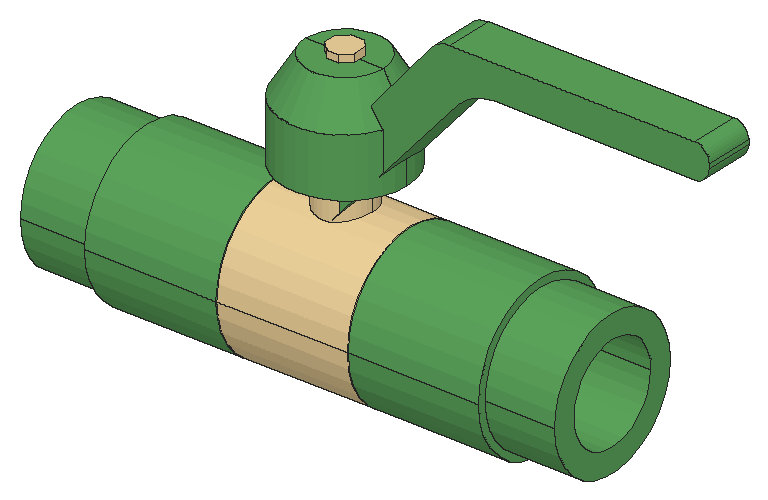
Revit family "Aquatherm_Шаровой кран, полипропилен_латунь", category Соединительные детали трубопроводов, Revit 2019
Family settings
  Размер круглого соединителя = Использовать диаметр
  Тип детали = Соединение
  На основе рабочей плоскости = Нет
  Всегда вертикально = Да
  При загрузке вырезать с полостями = Нет
  Общий = Нет
Parameters (values of type "SDR 9")
  Материал_Корпус_2 = AquaTherm латунь pipe
  Материал_Корпус = AquaTherm green pipe
  K Coefficient = 0
  z [instance] = size_lookup("Шаровой кран, полипропилен_латунь", "z", 18 mm, d)  # 40.5 mm
  l1 [instance] = size_lookup("Шаровой кран, полипропилен_латунь", "l1", 18 mm, d)  # 79 mm
  l [instance] = size_lookup("Шаровой кран, полипропилен_латунь", "l", 18 mm, d)  # 110 mm
  h [instance] = size_lookup("Шаровой кран, полипропилен_латунь", "h", 18 mm, d)  # 56 mm
  d1 [instance] = d - 2 mm  # 18 mm
  d [instance] = 20 mm
  URL = "www.agpipe.ru"
  SDR = 9 mm
  D1 [instance] = D + 3 mm  # 32.5 mm
  D [instance] = size_lookup("Шаровой кран, полипропилен_латунь", "D", 18 mm, d)  # 29.5 mm
  ADSK_Примечание = ""
  ADSK_Позиция [instance] = ""
  ADSK_Обозначение = ""
  ADSK_Наименование [instance] = size_lookup("Шаровой кран, полипропилен_латунь", "ADSK_Наименование", "Нет в каталоге", d)  # "Шаровой кран, полипропилен/латунь DN20"
  ADSK_Масса_Текст [instance] = size_lookup("Шаровой кран, полипропилен_латунь", "ADSK_Масса_Текст", "Нет в каталоге", d)  # "0.28"
  ADSK_Код изделия [instance] = size_lookup("Шаровой кран, полипропилен_латунь", "ADSK_Код изделия", "Нет в каталоге", d)  # "41308"
  ADSK_Завод-изготовитель [instance] = "Aquatherm"  # constant formula
  ADSK_Единица измерения = "шт."  # constant formula
Types (5, lengths in mm): name | z | l1 | l | h | d1 | d | SDR | D1 | D | ADSK_Наименование | ADSK_Масса_Текст | ADSK_Код изделия
  (no name) | 40.5 | 79 | 110 | 56 | 18 | 20 | 9 | 32.5 | 29.5 | "Шаровой кран, полипропилен/латунь DN20" | "0.28" | "41308"
  SDR 6 | 75 | 140 | 205 | 88 | 61 | 63 | 6 | 87 | 84 | "Шаровой кран, полипропилен/латунь DN63" | "2.874" | "41318"
  SDR 7.4 | 75 | 140 | 205 | 88 | 61 | 63 | 7.4 | 87 | 84 | "Шаровой кран, полипропилен/латунь DN63" | "2.874" | "41318"
  SDR 9 | 40.5 | 79 | 110 | 56 | 18 | 20 | 9 | 32.5 | 29.5 | "Шаровой кран, полипропилен/латунь DN20" | "0.28" | "41308"
  SDR 11 | 75 | 140 | 205 | 88 | 61 | 63 | 11 | 87 | 84 | "Шаровой кран, полипропилен/латунь DN63" | "2.874" | "41318"
Reference planes
  plane 1 "По центру (Вперед/Назад)": y = 0
  plane 2: z = 0
  plane 3 "По центру (Влево/Вправо)": x = 0
  plane 4: z = 56
  plane 5: x = 55
  plane 6: x = -55
  plane 7: x = 40.5
  plane 8: x = -40.5
  plane 9: x = 79
  plane 10: x = -13.5
  plane 11: x = 13.5
Forms (mm)
  Extrusion 1, solid, material "AquaTherm латунь pipe" <- "Материал_Корпус_2"
    sketch origin (0, 0, 0) x (1, 0, 0) y (0, 1, 0)
      loop
        line (-1.293, 3.121) -> (-3.121, 1.293) -> (-3.121, -1.293) -> (-1.293, -3.121) -> (1.293, -3.121) -> (3.121, -1.293) -> (3.121, 1.293) -> (1.293, 3.121) -> (-1.293, 3.121)
    from 43.399 to 45.026
  Extrusion 2, solid, material "AquaTherm green pipe" <- "Материал_Корпус"
    sketch origin (0, 0, 0) x (1, 0, 0) y (0, 0, 1)
      loop
        line (75.977, 56) -> (25.588, 56)
        arc (25.588, 56) -> (23.661, 55.614) -> (22.032, 54.515) r 5
        line (22.032, 54.515) -> (0, 27.754) -> (0, 13.738) -> (27.645, 46.03)
        arc (27.645, 46.03) -> (30.903, 48.228) -> (34.757, 49) r 10
        line (34.757, 49) -> (76, 49)
        arc (76, 49) -> (78.121, 49.879) -> (79, 52) r 3
        line (79, 52) -> (79, 52.977)
        arc (79, 52.977) -> (78.115, 55.115) -> (75.977, 56) r 3.023
    from -5 to 5
  Revolve 3, solid, material "AquaTherm green pipe" <- "Материал_Корпус"
    sketch origin (0, 0, 0) x (1, 0, 0) y (0, 0, 1)
      loop
        line (8, 43.399) -> (0, 43.399) -> (0, 23.399) -> (12.729, 23.399) -> (12.729, 35.507) -> (8, 43.399)
      axis (0, 23.399) -> (0, 43.399)
    angle from 0 to 360
  Extrusion 4, solid, material "AquaTherm green pipe" <- "Материал_Корпус"
    sketch origin (0, 0, 0) x (0, 1, 0) y (0, 0, 1)
      loop
        circle (0, 0) r 14.75
    from -55 to 55
  Extrusion 5, solid, material "AquaTherm green pipe" <- "Материал_Корпус"
    sketch origin (0, 0, 0) x (0, 1, 0) y (0, 0, 1)
      loop
        circle (0, 0) r 16.25
    from -40.5 to 40.5
  Extrusion 6, void
    sketch origin (0, 0, 0) x (0, 1, 0) y (0, 0, 1)
      loop
        circle (0, 0) r 10
    from 40.5 to 55
  Extrusion 7, void
    sketch origin (0, 0, 0) x (0, 1, 0) y (0, 0, -1)
      loop
        circle (0, 0) r 10
    from 45.5 to 63.5
  Extrusion 8, void
    sketch origin (0, 0, 0) x (0, 1, 0) y (0, 0, 1)
      loop
        circle (0, 0) r 9
    from -40.5 to 40.5
  Extrusion 9, void
    sketch origin (0, 0, 0) x (0, 1, 0) y (0, 0, 1)
      loop
        circle (0, 0) r 16.25
    from -13.5 to 13.5
  Extrusion 10, solid, material "AquaTherm латунь pipe" <- "Материал_Корпус_2"
    sketch origin (0, 0, 0) x (0, 1, 0) y (0, 0, 1)
      loop
        circle (0, 0) r 16.25
    from -13.5 to 13.5
  Revolve 11, solid, material "AquaTherm латунь pipe" <- "Материал_Корпус_2"
    sketch origin (0, 0, 0) x (1, 0, 0) y (0, 0, 1)
      loop
        line (5.729, 23.399) -> (0, 23.399) -> (0, 0) -> (5.729, 0) -> (5.729, 23.399)
      axis (0, 23.399) -> (0, 0)
    angle from 0 to 360
Cuts and joins
  Extrusion 8, Extrusion 9 cuts Extrusion 2
  Extrusion 6, Extrusion 7, Extrusion 8, Extrusion 9 cuts Extrusion 4
  Extrusion 6, Extrusion 7, Extrusion 8, Extrusion 9 cuts Extrusion 5
  joined: Extrusion 2, Extrusion 4, Extrusion 5
  Extrusion 8, Extrusion 9 cuts Revolve 3
  Extrusion 8 cuts Extrusion 10
  Extrusion 8 cuts Revolve 11
  joined: Extrusion 10, Revolve 11
Lines and regions (mm)
  reference lines
    curve 1: line (-40.5, 0, 0) -> (40.5, 0, 0)
Dimensions and locks
  "z": plane 3 "По центру (Влево/Вправо)" to plane 7
  "z": plane 8 to plane 3 "По центру (Влево/Вправо)"
  "h": plane 4 to level
  "l1": plane 9 to plane 3 "По центру (Влево/Вправо)"
  equal spacing: plane 6, plane 3 "По центру (Влево/Вправо)", plane 5
  "l": plane 6 to plane 5
  locked: plane 9 to Extrusion 2 sketch curve at 3.023
  plane 4 to Revolve 3 sketch curve to Revolve 3 sketch curve to Revolve 3 sketch curve = 12.601 mm locked, 7.892 mm locked, 12.108 mm locked
  locked: Extrusion 1 to cut or joined group of Revolve 3, Extrusion 8, Extrusion 9 at 1.627
  locked: Extrusion 2 sketch curve to plane 3 "По центру (Влево/Вправо)" at 25.588
  locked: Extrusion 2 sketch curve to plane 3 "По центру (Влево/Вправо)" at 34.757
  equal spacing: plane 8, plane 10, plane 11, plane 7
  locked: plane 4 to Revolve 11 sketch curve at 32.601
  "D": diameter of Extrusion 4 sketch curve
  "D1": diameter of Extrusion 5 sketch curve
  "d": diameter of Extrusion 6 sketch curve
  "d": diameter of Extrusion 7 sketch curve
  "d1": diameter of Extrusion 8 sketch curve
  "D1": diameter of Extrusion 9 sketch curve
  "D1": diameter of Extrusion 10 sketch curve
  aligned and locked: level to plane 2
  aligned and locked: Extrusion 4 to plane 6
  aligned and locked: plane 5 to Extrusion 4
  aligned and locked: plane 8 to Extrusion 5
  aligned and locked: plane 7 to Extrusion 5
  aligned and locked: plane 5 to Extrusion 6
  aligned and locked: Extrusion 6 to plane 7
  aligned and locked: plane 8 to Extrusion 8
  aligned and locked: plane 7 to Extrusion 8
  aligned and locked: Extrusion 2 sketch curve to plane 3 "По центру (Влево/Вправо)"
  aligned and locked: plane 9 to Extrusion 2 sketch curve
  aligned and locked: plane 4 to Extrusion 2 sketch curve
  aligned and locked: Extrusion 1 to cut or joined group of Revolve 3, Extrusion 8, Extrusion 9
  aligned and locked: plane 11 to Extrusion 9
  aligned and locked: Extrusion 9 to plane 10
  aligned and locked: Extrusion 10 to plane 10
  aligned and locked: plane 11 to Extrusion 10
  aligned and locked: Revolve 11 sketch curve to plane 3 "По центру (Влево/Вправо)"
  aligned and locked: level to Revolve 11 sketch curve
Automatic sketch dimensions
  plane 1 "По центру (Вперед/Назад)" to curve 1 = 0 mm
  curve 1 to plane 8 = 0 mm
  curve 1 to plane 7 = 0 mm
  Extrusion 2 sketch curve to plane 4 = 1.485 mm
  Extrusion 2 sketch curve to Extrusion 2 sketch curve = 3.556 mm
  Extrusion 2 sketch curve to Extrusion 2 sketch curve = 2.057 mm
  Extrusion 2 sketch curve to plane 9 = 3 mm
  Extrusion 2 sketch curve to plane 4 = 7 mm
  Extrusion 2 sketch curve to Extrusion 2 sketch curve = 4.97 mm
  Extrusion 2 sketch curve to Extrusion 2 sketch curve = 14.016 mm
  Extrusion 2 sketch curve to plane 4 = 28.246 mm
  Revolve 3 sketch curve to plane 3 "По центру (Влево/Вправо)" = 0 mm  (x2)
  plane 3 "По центру (Влево/Вправо)" to Revolve 3 sketch curve = 8 mm
  Revolve 3 sketch curve to plane 11 = 0.771 mm
  Revolve 3 sketch curve to Revolve 3 sketch curve = 1.329 mm
  Revolve 3 sketch curve to Revolve 3 sketch curve = 8.671 mm
  Revolve 11 sketch curve to plane 3 "По центру (Влево/Вправо)" = 0 mm
  Revolve 11 sketch curve to plane 11 = 7.771 mm
  Revolve 11 sketch curve to level = 11.601 mm
  plane 4 to Revolve 11 sketch curve = 17.399 mm
  Extrusion 4 sketch curve to level = 0 mm
  Extrusion 4 sketch curve to plane 1 "По центру (Вперед/Назад)" = 0 mm
  Extrusion 5 sketch curve to level = 0 mm
  Extrusion 5 sketch curve to plane 1 "По центру (Вперед/Назад)" = 0 mm
  Extrusion 6 sketch curve to level = 0 mm
  Extrusion 6 sketch curve to plane 1 "По центру (Вперед/Назад)" = 0 mm
  Extrusion 7 sketch curve to level = 0 mm
  Extrusion 7 sketch curve to plane 1 "По центру (Вперед/Назад)" = 0 mm
  Extrusion 8 sketch curve to level = 0 mm
  Extrusion 8 sketch curve to plane 1 "По центру (Вперед/Назад)" = 0 mm
  Extrusion 9 sketch curve to level = 0 mm
  Extrusion 9 sketch curve to plane 1 "По центру (Вперед/Назад)" = 0 mm
  Extrusion 10 sketch curve to level = 0 mm
  Extrusion 10 sketch curve to plane 1 "По центру (Вперед/Назад)" = 0 mm
Connectors
  piping at (-40.5, 0, 0), diameter 20, driven by "d"
    settings: on curve 1, index 1, connector inside diameter 609.6 mm, connector length 0 mm, flow factor 0, pipe flow 0.0 L/s, pressure drop 0.0 Pa, fitting loss kfactor 0, connector angle 0.00°, fixture units 0, engagement length 0 mm, angle of deflection 0.00°, flow configuration 0, flow direction 0, fitting loss method 0, system type 28, joint type 0, gender type 0, connector reference index 2, connector utility 0, adjustable connector no, is connector primary yes, connector description ""
  piping at (40.5, 0, 0), diameter 20, driven by "d"
    settings: on curve 1, index 2, connector inside diameter 609.6 mm, connector length 0 mm, flow factor 0, pipe flow 0.0 L/s, pressure drop 0.0 Pa, fitting loss kfactor 0, connector angle 0.00°, fixture units 0, engagement length 0 mm, angle of deflection 0.00°, flow configuration 0, flow direction 0, fitting loss method 0, system type 28, joint type 0, gender type 0, connector reference index 1, connector utility 0, adjustable connector no, is connector primary no, connector description ""
